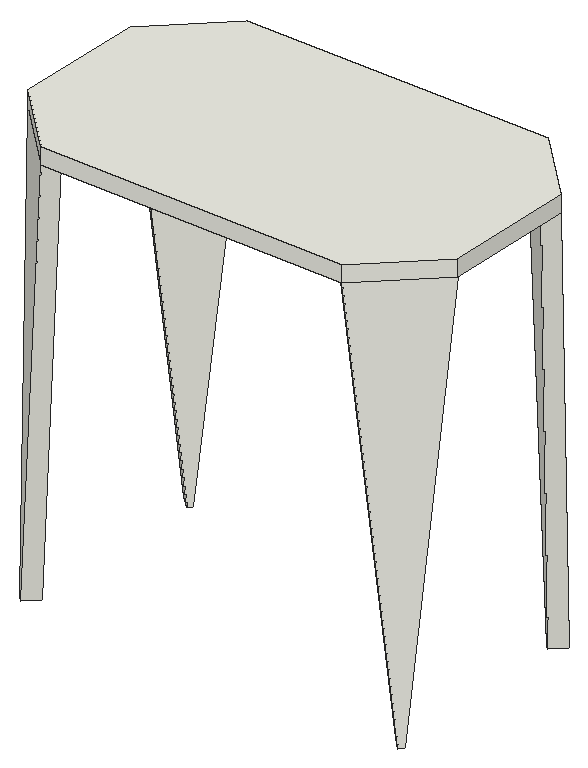
Revit family
Parameters
  Width = 1' - 8"
  URL = "http://elanbydecca.com/"
  Base [instance] = Furniture - DECCA (Elan) - Rottet - Base
  Product URL = "http://elanbydecca.com/PDFs/elan_tearsheet-rottet.pdf"
  Model = "LR ST100"
  Manufacturer = "Decca Contract"
  Height = 1' - 8"
  Description = "Rottet Nesting Table"
  Depth = 1' - 0"
  Assembly Description = "Furniture & Accessories"
  Assembly Code = "E2020200"
Reference planes (in)
  plane 1 "Center Front/Back": y = -0.7524
  plane 2: z = 0
  plane 3 "Center Left/Right": x = 0
  plane 4 "L": x = -10
  plane 5 "R": x = 10
  plane 6 "F": y = -6.7524
  plane 7: y = 5.2476
  plane 8: through (-6.25338, 2.33237, 23.38953) normal (0.4297, -0.4297, 0.7941)
  plane 9: z = 20
  plane 10: z = 19.25
Forms (in)
  Extrusion 1, solid, material "Furniture - DECCA (Elan) - Rottet - Base" <- "Base"
    sketch origin (0, 0, 21.3125) x (-1, 0, 0) y (0, -1, 0)
      loop
        line (10, -2.2476) -> (10, 3.7524) -> (7, 6.7524) -> (-7, 6.7524) -> (-10, 3.7524) -> (-10, -2.2476) -> (-7, -5.2476) -> (7, -5.2476) -> (10, -2.2476)
    from -2.0625 to -1.3125
  Blend 2, solid, material "Furniture - DECCA (Elan) - Rottet - Base" <- "Base"
    base sketch origin (-0.46948, -0.46948, 21.3125) x (-1, 0, 0) y (0, -1, 0)
      loop
        line (8.46852, 5.04414) -> (8.29174, 5.22092) -> (7.76141, 4.69059) -> (7.93819, 4.51381) -> (8.46852, 5.04414)
    top sketch origin (-0.46948, -0.46948, 21.3125) x (-1, 0, 0) y (0, -1, 0)
      loop
        line (9.53052, 3.28292) -> (6.53052, 6.28292) -> (6.00019, 5.75259) -> (9.00019, 2.75259) -> (9.53052, 3.28292)
    from -21.3125 to -2.0625
  Blend 3, solid, material "Furniture - DECCA (Elan) - Rottet - Base" <- "Base"
    base sketch origin (-0.46948, -1.03532, 21.3125) x (-1, 0, 0) y (0, -1, 0)
      loop
        line (8.46852, -5.04414) -> (7.93819, -4.51381) -> (7.76141, -4.69059) -> (8.29174, -5.22092) -> (8.46852, -5.04414)
    top sketch origin (-0.46948, -1.03532, 21.3125) x (-1, 0, 0) y (0, -1, 0)
      loop
        line (9.53052, -3.28292) -> (9.00019, -2.75259) -> (6.00019, -5.75259) -> (6.53052, -6.28292) -> (9.53052, -3.28292)
    from -21.3125 to -2.0625
  Blend 4, solid, material "Furniture - DECCA (Elan) - Rottet - Base" <- "Base"
    base sketch origin (0.46948, -0.46948, 21.3125) x (1, 0, 0) y (0, 1, 0)
      loop
        line (8.46852, -5.04414) -> (7.93819, -4.51381) -> (7.76141, -4.69059) -> (8.29174, -5.22092) -> (8.46852, -5.04414)
    top sketch origin (0.46948, -0.46948, 21.3125) x (1, 0, 0) y (0, 1, 0)
      loop
        line (9.53052, -3.28292) -> (9.00019, -2.75259) -> (6.00019, -5.75259) -> (6.53052, -6.28292) -> (9.53052, -3.28292)
    from -21.3125 to -2.0625
  Blend 5, solid, material "Furniture - DECCA (Elan) - Rottet - Base" <- "Base"
    base sketch origin (0.46948, -1.03532, 21.3125) x (1, 0, 0) y (0, 1, 0)
      loop
        line (8.46852, 5.04414) -> (8.29174, 5.22092) -> (7.76141, 4.69059) -> (7.93819, 4.51381) -> (8.46852, 5.04414)
    top sketch origin (0.46948, -1.03532, 21.3125) x (1, 0, 0) y (0, 1, 0)
      loop
        line (9.53052, 3.28292) -> (6.53052, 6.28292) -> (6.00019, 5.75259) -> (9.00019, 2.75259) -> (9.53052, 3.28292)
    from -21.3125 to -2.0625
Cuts and joins
  joined: Extrusion 1, Blend 2, Blend 3, Blend 4, Blend 5
Dimensions and locks (in)
  equal spacing: plane 4 "L", plane 3 "Center Left/Right", plane 5 "R"
  equal spacing: plane 7, plane 1 "Center Front/Back", plane 6 "F"
  "Width": plane 4 "L" to plane 5 "R"
  "Depth": plane 7 to plane 6 "F"
  "Height": plane 9 to level
  locked: plane 9 to plane 10 at 0.75
  aligned and locked: Extrusion 1 sketch curve to plane 4 "L"
  aligned and locked: Extrusion 1 sketch curve to plane 7
  aligned and locked: Extrusion 1 to plane 10
  aligned and locked: plane 9 to Extrusion 1
  aligned and locked: plane 10 to Blend 2
Automatic sketch dimensions
  Extrusion 1 sketch curve to plane 5 "R" = 0' - 0"
  Extrusion 1 sketch curve to plane 6 "F" = 0' - 0"
  plane 5 "R" to Extrusion 1 sketch curve = 0' - 3"  (x2)
  plane 4 "L" to Extrusion 1 sketch curve = 0' - 3"  (x2)
  Extrusion 1 sketch curve to plane 1 "Center Front/Back" = 0' - 3"  (x2)
  plane 1 "Center Front/Back" to Extrusion 1 sketch curve = 0' - 3"  (x2)
  plane 4 "L" to Blend 2 sketch curve = 0' - 1.76911"
  Blend 2 sketch curve to Blend 2 sketch curve = 0' - 0.17678"  (x2)
  Blend 2 sketch curve to Blend 2 sketch curve = 0' - 0.53033"  (x2)
  plane 6 "F" to Blend 2 sketch curve = 0' - 1.76911"
  Blend 2 sketch curve to plane 6 "F" = 0' - 0"
  Blend 2 sketch curve to plane 4 "L" = 0' - 0"
  plane 4 "L" to Blend 2 sketch curve = 0' - 0.53033"
  plane 4 "L" to Blend 2 sketch curve = 0' - 3"
  plane 4 "L" to Blend 3 sketch curve = 0' - 1.76911"
  Blend 3 sketch curve to Blend 3 sketch curve = 0' - 0.17678"  (x2)
  Blend 3 sketch curve to Blend 3 sketch curve = 0' - 0.53033"  (x2)
  Blend 3 sketch curve to plane 7 = 0' - 1.062"
  Blend 3 sketch curve to plane 7 = 0' - 0"
  Blend 3 sketch curve to plane 4 "L" = 0' - 0"
  plane 4 "L" to Blend 3 sketch curve = 0' - 0.53033"
  plane 4 "L" to Blend 3 sketch curve = 0' - 3"
  plane 5 "R" to Blend 4 sketch curve = 0' - 1.76911"
  Blend 4 sketch curve to Blend 4 sketch curve = 0' - 0.17678"  (x2)
  Blend 4 sketch curve to Blend 4 sketch curve = 0' - 0.53033"  (x2)
  plane 6 "F" to Blend 4 sketch curve = 0' - 1.062"
  Blend 4 sketch curve to plane 6 "F" = 0' - 0"
  Blend 4 sketch curve to plane 5 "R" = 0' - 0"
  plane 5 "R" to Blend 4 sketch curve = 0' - 0.53033"
  plane 5 "R" to Blend 4 sketch curve = 0' - 3"
  plane 5 "R" to Blend 5 sketch curve = 0' - 1.76911"
  Blend 5 sketch curve to Blend 5 sketch curve = 0' - 0.17678"  (x2)
  Blend 5 sketch curve to Blend 5 sketch curve = 0' - 0.53033"  (x2)
  Blend 5 sketch curve to plane 7 = 0' - 1.76911"
  Blend 5 sketch curve to plane 7 = 0' - 0"
  Blend 5 sketch curve to plane 5 "R" = 0' - 0"
  plane 5 "R" to Blend 5 sketch curve = 0' - 0.53033"
  plane 5 "R" to Blend 5 sketch curve = 0' - 3"
